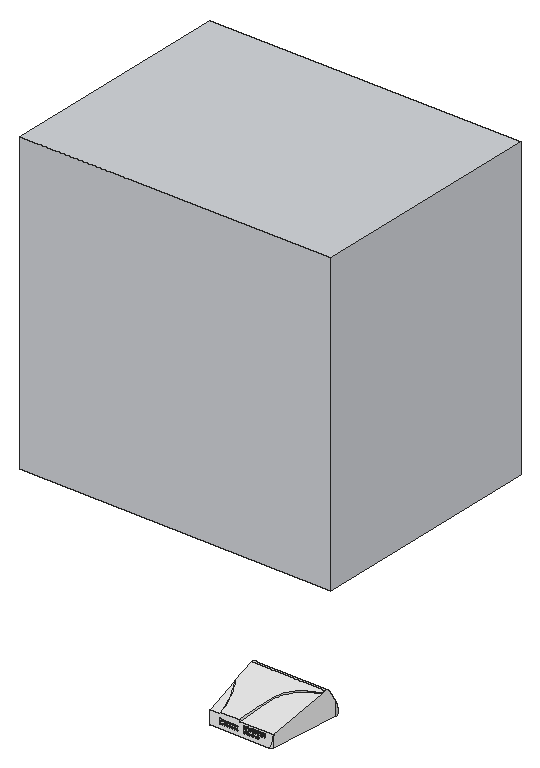
Revit family
Parameters
  Body Material [instance] = Plastic - White
  Warranty Duration (Years) = 0
  URL = "http://www.americanspecialties.com/viewCategories.cfm"
  Test Data = ""
  Specification = "http://www.arcat.com/sdspecs/htm/10810asi.htm"
  SpecWizard = ""
  Send Message = "http://www.arcat.com/users.pl?action=UserEmail&company=American%20Specialties,%20Inc.&coid=30448&rep=139&fax=914-476-0688&mf="
  Sales Information = "http://www.americanspecialties.com/contact"
  Revision = "R1_10-2010"
  Product Properties = "http://www.americanspecialties.com/datasheets/0165.pdf"
  Product Data = "http://www.arcat.com/arcatcos/cos30/arc30448.html"
  Model = "As Specified in 10 28 13"
  Manufacturer Website = "http://www.americanspecialties.com/viewCategories.cfm"
  Manufacturer Phone - Toll Free = ""
  Manufacturer Phone = "914-476-9000 "
  Manufacturer Fax = "914-476-0688"
  Manufacturer Address = "441 Saw Mill River Rd., Yonkers, NY 10701"
  Manufacturer = "American Specialties, Inc."
  Maintenance Schedule (Months) = 0
  Keynote = "10 28 13"
  Installation-Fabrication = "http://www.americanspecialties.com/products.cfm"
  Trim Material [instance] = Plastic - White
  Green Building-LEED = ""
  Expected Lifespan (Years) = 0
  Drawn By = "Robert S. Weygant. CSI, CDT, SCIP"  # constant formula
  Description = "Toilet Accessory as Specified in 10 28 13"
  Default Elevation = 4' - 0"
  Copyright = "©Arcat Inc."
  Construction Details = "http://www.arcat.com/green/clients/leed_data_30448.html"
  Building Codes = "http://www.americanspecialties.com/products.cfm"
  Assembly Code = "C1030210"
Reference planes (in)
  plane 1 "Center (Front/Back)": y = -0.29112
  plane 2 "Floor Line": z = 0
  plane 3 "Center (Left/Right)": x = -0.65843
  plane 4: x = -6.28343
  plane 5: x = 4.96657
  plane 6: y = 5.45888
  plane 7: y = -6.04112
  plane 8: z = 4
  plane 9: through (0, -4.67708, 2.12492) normal (0, 0.2419, -0.9703)
Forms (in)
  Extrusion 1, solid
    sketch origin (-3.65843, -9.24924, -6) x (0, 0, -1) y (1, 0, 0)
      loop
        line (-82, 26) -> (-82, -19.34712) -> (-38.47969, -19.34712) -> (-38.47969, 26) -> (-82, 26)
    from 9 to -25.60721
  Extrusion 2, solid, material "Plastic - White" <- "Body Material"
    sketch origin (-0.65843, 0, 0) x (0, 1, 0) y (0, 0, 1)
      loop
        line (5.50293, 0) -> (3.33787, 3.75)
        arc (3.33787, 3.75) -> (3.10022, 3.96025) -> (2.7839, 3.98515) r 0.5
        line (2.7839, 3.98515) -> (-5.71193, 1.8669) -> (-6.04112, 0) -> (5.50293, 0)
    from -5.625 to 5.625
  Extrusion 3, void
    sketch origin (0, 0, 0) x (1, 0, 0) y (0, 1, 0)
      loop
        arc (-6.18832, 4.41578) -> (-5.9294, 5.17852) -> (-5.19213, 5.50293) r 1
        line (-5.19213, 5.50293) -> (-7.03343, 5.50293) -> (-7.03343, -6.04112) -> (-4.8911, -6.04112)
        arc (-4.8911, -6.04112) -> (-5.173, -5.93149) -> (-5.30679, -5.66021) r 0.41728
        line (-5.30679, -5.66021) -> (-6.18832, 4.41578)
      loop
        line (4.87145, 4.41578) -> (3.98992, -5.66021)
        arc (3.98992, -5.66021) -> (3.85614, -5.93149) -> (3.57423, -6.04112) r 0.41728
        line (3.57423, -6.04112) -> (5.71657, -6.04112) -> (5.71657, 5.50293) -> (3.87526, 5.50293)
        arc (3.87526, 5.50293) -> (4.61254, 5.17852) -> (4.87145, 4.41578) r 1
    from 0 to 4.73282
  Extrusion 4, void
    sketch origin (0, -4.67708, 2.12492) x (0, 0.970296, 0.241922) y (-1, 0, 0)
      loop
        spline (-1.54731, 3.65972) -> (-0.87728, 3.78424) -> (-0.22548, 3.93209) -> (0.40297, 4.09927) -> (1.00293, 4.28173) -> (1.56927, 4.47546) -> (2.09683, 4.67644) -> (2.5805, 4.88063) -> (3.01513, 5.08402) -> (3.39558, 5.28259) -> (3.71673, 5.4723) -> (3.97344, 5.64915) -> (4.16056, 5.80909)
        line (4.16056, 5.80909) -> (-1.54731, 5.30972) -> (-1.54731, 3.65972)
      loop
        spline (7.25873, -4.68167) -> (6.85954, -3.44076) -> (6.46502, -2.47863) -> (6.05368, -1.73832) -> (5.60413, -1.16346) -> (5.09741, -0.71091) -> (4.51687, -0.35031) -> (3.84599, -0.05186) -> (3.0682, 0.21416) -> (2.16442, 0.46505) -> (1.11045, 0.69303) -> (-0.11852, 0.88729) -> (-1.54731, 1.03704)
        line (-1.54731, 1.03704) -> (-1.54731, -4.16124) -> (7.25873, -4.93167) -> (7.25873, -4.68167)
    from -0.14752 to 0
  Extrusion 5, void
    sketch origin (0, -1.03587, -1.94119) x (1, 0, 0) y (0, 0.358368, 0.93358)
      loop
        line (-3.79761, 1.21411) -> (-3.79761, 0.96411) -> (-1.04761, 0.96411) -> (-1.04761, 1.21411) -> (-3.79761, 1.21411)
      loop
        line (-3.75022, 0.76058) -> (-3.75022, 0.61301) -> (-3.58534, 0.61301) -> (-3.58534, 0.76058) -> (-3.75022, 0.76058)
      loop
        line (-3.50022, 0.76058) -> (-3.50022, 0.61301) -> (-3.33534, 0.61301) -> (-3.33534, 0.76058) -> (-3.50022, 0.76058)
      loop
        line (-3.25022, 0.76058) -> (-3.25022, 0.61301) -> (-3.08534, 0.61301) -> (-3.08534, 0.76058) -> (-3.25022, 0.76058)
      loop
        line (-3.00022, 0.76058) -> (-3.00022, 0.61301) -> (-2.83534, 0.61301) -> (-2.83534, 0.76058) -> (-3.00022, 0.76058)
      loop
        line (-2.75022, 0.76058) -> (-2.75022, 0.61301) -> (-2.58534, 0.61301) -> (-2.58534, 0.76058) -> (-2.75022, 0.76058)
      loop
        line (-2.50022, 0.76058) -> (-2.50022, 0.61301) -> (-2.33534, 0.61301) -> (-2.33534, 0.76058) -> (-2.50022, 0.76058)
      loop
        line (-2.25022, 0.76058) -> (-2.25022, 0.61301) -> (-2.08534, 0.61301) -> (-2.08534, 0.76058) -> (-2.25022, 0.76058)
      loop
        line (-2.00022, 0.76058) -> (-2.00022, 0.61301) -> (-1.83534, 0.61301) -> (-1.83534, 0.76058) -> (-2.00022, 0.76058)
      loop
        line (-1.75022, 0.76058) -> (-1.75022, 0.61301) -> (-1.58534, 0.61301) -> (-1.58534, 0.76058) -> (-1.75022, 0.76058)
      loop
        line (-1.50022, 0.76058) -> (-1.50022, 0.61301) -> (-1.33534, 0.61301) -> (-1.33534, 0.76058) -> (-1.50022, 0.76058)
      loop
        line (-1.25022, 0.76058) -> (-1.25022, 0.61301) -> (-1.08534, 0.61301) -> (-1.08534, 0.76058) -> (-1.25022, 0.76058)
      loop
        line (-0.26001, 1.46411) -> (-0.26001, 1.01058) -> (-0.10667, 1.01058) -> (-0.10667, 1.46411) -> (-0.26001, 1.46411)
      loop
        line (-0.01001, 1.46411) -> (-0.01001, 1.01058) -> (0.14333, 1.01058) -> (0.14333, 1.46411) -> (-0.01001, 1.46411)
      loop
        line (0.23999, 1.46411) -> (0.23999, 1.01058) -> (0.39333, 1.01058) -> (0.39333, 1.46411) -> (0.23999, 1.46411)
      loop
        line (0.48999, 1.46411) -> (0.48999, 1.01058) -> (0.64333, 1.01058) -> (0.64333, 1.46411) -> (0.48999, 1.46411)
      loop
        line (0.73999, 1.46411) -> (0.73999, 1.01058) -> (0.89333, 1.01058) -> (0.89333, 1.46411) -> (0.73999, 1.46411)
      loop
        line (0.98999, 1.46411) -> (0.98999, 1.01058) -> (1.14333, 1.01058) -> (1.14333, 1.46411) -> (0.98999, 1.46411)
      loop
        line (1.23999, 1.46411) -> (1.23999, 1.01058) -> (1.39333, 1.01058) -> (1.39333, 1.46411) -> (1.23999, 1.46411)
      loop
        line (1.48999, 1.46411) -> (1.48999, 1.01058) -> (1.64333, 1.01058) -> (1.64333, 1.46411) -> (1.48999, 1.46411)
      loop
        line (1.73999, 1.46411) -> (1.73999, 1.01058) -> (1.89333, 1.01058) -> (1.89333, 1.46411) -> (1.73999, 1.46411)
      loop
        line (1.98999, 1.46411) -> (1.98999, 1.01058) -> (2.14333, 1.01058) -> (2.14333, 1.46411) -> (1.98999, 1.46411)
      loop
        line (2.23999, 1.46411) -> (2.23999, 1.01058) -> (2.39333, 1.01058) -> (2.39333, 1.46411) -> (2.23999, 1.46411)
      loop
        line (2.48999, 1.46411) -> (2.48999, 1.01058) -> (2.64333, 1.01058) -> (2.64333, 1.46411) -> (2.48999, 1.46411)
      loop
        line (2.73999, 1.46411) -> (2.73999, 1.01058) -> (2.89333, 1.01058) -> (2.89333, 1.46411) -> (2.73999, 1.46411)
      loop
        line (0.22845, 0.76058) -> (0.22845, 0.61301) -> (0.39333, 0.61301) -> (0.39333, 0.76058) -> (0.22845, 0.76058)
      loop
        line (0.47845, 0.76058) -> (0.47845, 0.61301) -> (0.64333, 0.61301) -> (0.64333, 0.76058) -> (0.47845, 0.76058)
      loop
        line (0.72845, 0.76058) -> (0.72845, 0.61301) -> (0.89333, 0.61301) -> (0.89333, 0.76058) -> (0.72845, 0.76058)
      loop
        line (0.97845, 0.76058) -> (0.97845, 0.61301) -> (1.14333, 0.61301) -> (1.14333, 0.76058) -> (0.97845, 0.76058)
      loop
        line (1.22845, 0.76058) -> (1.22845, 0.61301) -> (1.39333, 0.61301) -> (1.39333, 0.76058) -> (1.22845, 0.76058)
      loop
        line (1.47845, 0.76058) -> (1.47845, 0.61301) -> (1.64333, 0.61301) -> (1.64333, 0.76058) -> (1.47845, 0.76058)
      loop
        line (1.72845, 0.76058) -> (1.72845, 0.61301) -> (1.89333, 0.61301) -> (1.89333, 0.76058) -> (1.72845, 0.76058)
      loop
        line (1.97845, 0.76058) -> (1.97845, 0.61301) -> (2.14333, 0.61301) -> (2.14333, 0.76058) -> (1.97845, 0.76058)
      loop
        line (-0.27155, 0.76058) -> (-0.27155, 0.61301) -> (-0.10667, 0.61301) -> (-0.10667, 0.76058) -> (-0.27155, 0.76058)
      loop
        line (-0.02155, 0.76058) -> (-0.02155, 0.61301) -> (0.14333, 0.61301) -> (0.14333, 0.76058) -> (-0.02155, 0.76058)
    from 5.2293 to 5.98917
Cuts and joins
  Extrusion 3, Extrusion 4, Extrusion 5 cuts Extrusion 2
Dimensions and locks (in)
  aligned and locked: Extrusion 2 to plane 4
  aligned and locked: Extrusion 2 to plane 5
  aligned and locked: plane 9 to cut or joined group of Extrusion 2, Extrusion 3, Extrusion 4, Extrusion 5
  aligned and locked: Extrusion 4 to Extrusion 2
